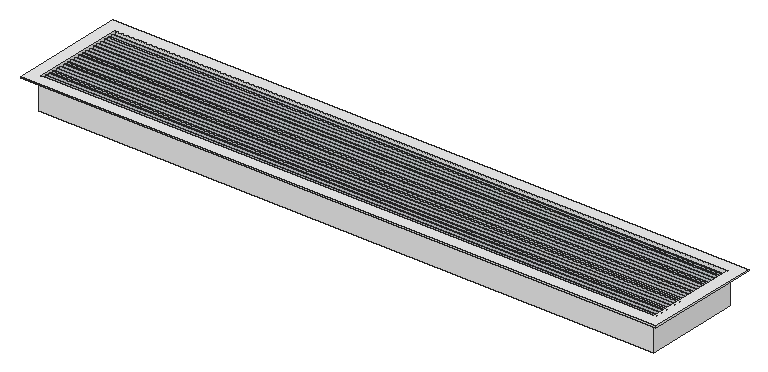
Revit family "DC_Holyoake_MEQ_LD-600SD_13", category Air Terminals, host Face, Revit 2014
Parameters (values of type "LD-600SD")
  Width LD [instance] = 150.0 mm
  URL = "http://www.holyoake.com"
  Type Comments = "Fineline Diffuser Series LD linear bar grilles"  # constant formula
  Static Pressure Min = 3.00 Pa
  Static Pressure Max = 69.00 Pa
  Noise Level NC Min = "< 10 NC"
  Noise Level NC Max = "48 NC"
  Model = "LD-600SD"  # constant formula
  Min Flow = 29 L/s
  Max Flow = 2600 L/s
  Material Face = Holyoake-Aluminium
  Material Body = Holyoake-Aluminium
  Manufacturer = "Holyoake"  # constant formula
  Length LD [instance] = 1000.0 mm
  Holyoake Product Range = "Holyoake Fineline Diffusers"  # constant formula
  Description = "Linear Bar Grille Registers with Vertical Rear Deflector Blades shall be Holyoake Model LD-600-SD with Horizontal Front Linear Bars of 3.25mm Blades at 6.35mm centres set at 0 degree deflection together with one set of Black Anodised Vertical Airfoil Individually Adjustable Deflection Blades at rear.  Linear Bar Grille Registers shall be of extruded aluminium construction to the sizes as documented. Fine line linear blades shall be mechanically expanded into machine notched mullions spaced at no greater then 300mm centres. Diffusers shall be finished in powder coat and fitted with accessories and dampers where indicated as manufactured by Holyoake"  # constant formula
  Default Elevation = 0.0 mm
  Array Number [instance] = ((Width LD - 25.4 mm) / 6.4 mm) - 0.9  # 19
Reference planes
  plane 1 "Center (Front/Back)": y = 0
  plane 2: z = 0
  plane 3 "Center (Left/Right)": x = 0
  plane 4: x = -500
  plane 5: x = 500
  plane 6: y = 75
  plane 7: y = -75
Forms (mm)
  Sweep 1, solid, material "Holyoake-Aluminium" <- "Material Body"
    path origin (0, 0, 0) x (1, 0, 0) y (0, 1, 0)
      loop
        line (-500, 75) -> (-500, -75) -> (500, -75) -> (500, 75) -> (-500, 75)
    profile origin (0, 75, 0) x (0, 1, 0) y (0, 0, 1)
      loop
        line (2, 0) -> (19, 0) -> (19, 2) -> (0, 2) -> (0, -50) -> (2, -50) -> (2, 0)
  Extrusion 2, void
    sketch origin (0, 0, 0) x (1, 0, 0) y (0, 1, 0)
      loop
        line (-500, 75) -> (-500, -75) -> (500, -75) -> (500, 75) -> (-500, 75)
    from 0 to -1000
Cuts and joins
  Extrusion 2 cuts Sweep 1
Lines and regions (mm)
  reference lines
    curve 1: line (-590.798, 68.65, 0) -> (-485.798, 68.65, 0)
    curve 2: line (-590.798, -68.65, 0) -> (-490.798, -68.65, 0)
Dimensions and locks
  equal spacing: plane 6, plane 1 "Center (Front/Back)", plane 7
  "Width LD": plane 6 to plane 7
  "Length LD": plane 4 to plane 5
  equal spacing: plane 4, plane 3 "Center (Left/Right)", plane 5
  locked: plane 6 to curve 1 at 6.35
  locked: curve 2 to plane 7 at 6.35
  equal spacing: group 1, group 3, group 4, group 5, group 6, group 7, group 8, group 9, group 10, group 11, group 12, group 13, group 14, group 15, group 16, group 17, group 18, group 19, group 2  (x2)
  equal spacing: group 2, group 19, group 18, group 17, group 16, group 15, group 14, group 13, group 12, group 11, group 10, group 9, group 8, group 7, group 6, group 5, group 4, group 3, group 1
  aligned and locked: plane 2 to host face
  aligned and locked: level to host face
  aligned and locked: plane 4 to Sweep 1 sketch curve
  aligned and locked: Sweep 1 sketch curve to plane 6
  aligned and locked: plane 7 to Sweep 1 sketch curve
  aligned and locked: Sweep 1 sketch curve to plane 5
  aligned and locked: plane 4 to nested 1
  aligned and locked: plane 4 to Sweep 1
  aligned and locked: nested 1 to curve 1
  aligned and locked: Sweep 1 to level
  aligned and locked: curve 2 to nested 2
  aligned and locked: plane 4 to nested 2
  aligned and locked: Extrusion 2 sketch curve to Sweep 1  (x3)
  aligned and locked: Sweep 1 to Extrusion 2 sketch curve
Automatic sketch dimensions
  Sweep 1 sketch curve to level = 0.0 mm
  Sweep 1 sketch curve to profile plane = 0.0 mm
  Sweep 1 sketch curve to Sweep 1 sketch curve = 2.0 mm
  Sweep 1 sketch curve to Sweep 1 sketch curve = 17.0 mm
  Sweep 1 sketch curve to Sweep 1 sketch curve = 50.0 mm
  level to Sweep 1 sketch curve = 2.0 mm
  host sketch curve to host sketch curve = 1716.464 mm
  host sketch curve to host sketch curve = 635.784 mm
  curve 2 to plane 4 = 90.798 mm
  curve 1 to curve 2 = 0.0 mm
  plane 4 to curve 2 = 9.202 mm
  plane 4 to curve 1 = 14.202 mm
Nested families
  nested 1: "LD Blade" at (-500, 67.15, 0), Blade Length <- "Length LD", type "LD Blade"
    with Blade Length 1000.0 mm
  nested 2: "LD Blade" at (-500, -68.65, 0), Blade Length <- "Length LD", type "LD Blade"
    with Blade Length 1000.0 mm
  nested 3: "LD Blade" at (-500, 59.606, 0), Blade Length <- "Length LD", type "LD Blade"
    with Blade Length 1000.0 mm
  nested 4: "LD Blade" at (-500, 52.061, 0), Blade Length <- "Length LD", type "LD Blade"
    with Blade Length 1000.0 mm
  nested 5: "LD Blade" at (-500, 44.517, 0), Blade Length <- "Length LD", type "LD Blade"
    with Blade Length 1000.0 mm
  nested 6: "LD Blade" at (-500, 36.972, 0), Blade Length <- "Length LD", type "LD Blade"
    with Blade Length 1000.0 mm
  nested 7: "LD Blade" at (-500, 29.428, 0), Blade Length <- "Length LD", type "LD Blade"
    with Blade Length 1000.0 mm
  nested 8: "LD Blade" at (-500, 21.883, 0), Blade Length <- "Length LD", type "LD Blade"
    with Blade Length 1000.0 mm
  nested 9: "LD Blade" at (-500, 14.339, 0), Blade Length <- "Length LD", type "LD Blade"
    with Blade Length 1000.0 mm
  nested 10: "LD Blade" at (-500, 6.794, 0), Blade Length <- "Length LD", type "LD Blade"
    with Blade Length 1000.0 mm
  nested 11: "LD Blade" at (-500, -0.75, 0), Blade Length <- "Length LD", type "LD Blade"
    with Blade Length 1000.0 mm
  nested 12: "LD Blade" at (-500, -8.294, 0), Blade Length <- "Length LD", type "LD Blade"
    with Blade Length 1000.0 mm
  nested 13: "LD Blade" at (-500, -15.839, 0), Blade Length <- "Length LD", type "LD Blade"
    with Blade Length 1000.0 mm
  nested 14: "LD Blade" at (-500, -23.383, 0), Blade Length <- "Length LD", type "LD Blade"
    with Blade Length 1000.0 mm
  nested 15: "LD Blade" at (-500, -30.928, 0), Blade Length <- "Length LD", type "LD Blade"
    with Blade Length 1000.0 mm
  nested 16: "LD Blade" at (-500, -38.472, 0), Blade Length <- "Length LD", type "LD Blade"
    with Blade Length 1000.0 mm
  nested 17: "LD Blade" at (-500, -46.017, 0), Blade Length <- "Length LD", type "LD Blade"
    with Blade Length 1000.0 mm
  nested 18: "LD Blade" at (-500, -53.561, 0), Blade Length <- "Length LD", type "LD Blade"
    with Blade Length 1000.0 mm
  nested 19: "LD Blade" at (-500, -61.106, 0), Blade Length <- "Length LD", type "LD Blade"
    with Blade Length 1000.0 mm
Definition of nested family "LD Blade"
  Parameters (values of type "LD Blade")
    Blade Material = none
    Blade Length [instance] = 600.0 mm
    Assembly Code = ""
  Reference planes
    plane 1 "Center (Front/Back)": y = 0
    plane 2: z = 0
    plane 3 "Center (Left/Right)": x = 0
    plane 4: x = 600
  Forms (mm)
    Extrusion 1, solid
      sketch origin (0, -1.042, 0) x (1, 0, 0) y (0, 1, 0)
        loop
          line (0, 1.042) -> (600, 1.042) -> (600, 2.542) -> (0, 2.542) -> (0, 1.042)
      from 0 to -20
  Dimensions and locks
    Extrusion 1 sketch curve to Extrusion 1 sketch curve = 1.5 mm
    "Blade Length": plane 3 "Center (Left/Right)" to plane 4
    locked: plane 1 "Center (Front/Back)" to Extrusion 1 at 1.5
    aligned and locked: plane 1 "Center (Front/Back)" to Extrusion 1
    aligned and locked: Extrusion 1 to plane 3 "Center (Left/Right)"
    aligned and locked: plane 4 to Extrusion 1
  Automatic sketch dimensions
    Extrusion 1 sketch curve to plane 1 "Center (Front/Back)" = 1.5 mm
    Extrusion 1 sketch curve to plane 3 "Center (Left/Right)" = 0.0 mm
    plane 4 to Extrusion 1 sketch curve = 0.0 mm
